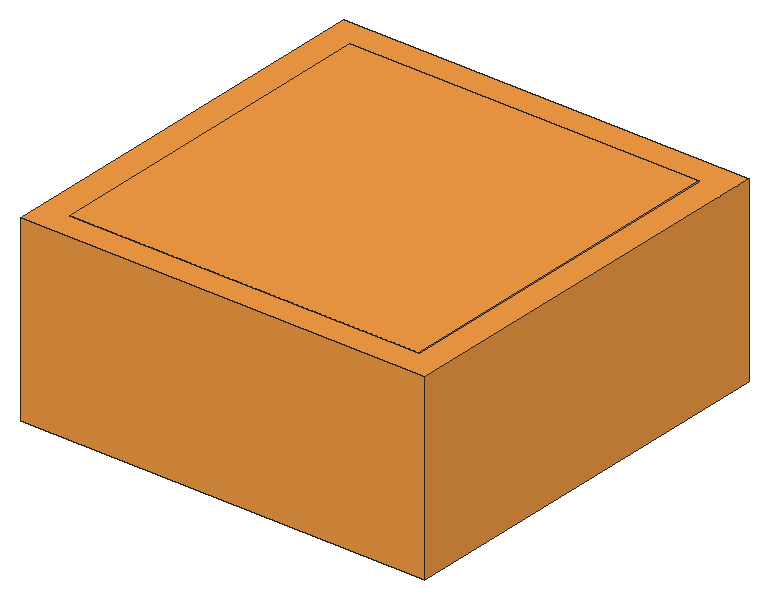
Revit family "Detector Titanus MICRO·SENS_Aguilera Electronica", category Dispositivos de alarma de incendios, Revit 2017
Family settings
  Anfitrión = Cara
  Mantener orientación de anotación = Sí
  Cota de conector redondo = Diámetro de uso
  Tipo de pieza = Normal
  Número OmniClass = 23.85.30.21.11.17
  Título OmniClass = Other Components
  Corte con vacíos al cargar = No
  Compartido = No
  Punto de cálculo de habitación = No
Parameters (values of type "Detector Titanus MICRO·SENS - Sensibilidad 0,5%")
  Zona de acción 80 m2 = yes
  Zona de acción 60 m2 = yes
  Voltaje = ""
  URL = "http://aguilera.es/?productos=titanus-microsens"
  Símbolo texto modelo = yes
  Símbolo = yes
  Modelo = "AETM-50"
  Fondo = 70 mm
  Fabricante = "Aguilera Electrónica"  # constant formula
  Elevación por defecto = 1200 mm
  Diámetro tubo = 20 mm
  Description = "El TITANUS MICRO·SENS® ha sido desarrollado para la vigilancia de instalaciones y recintos de pequeño y mediano tamaño. Sin embargo, proporciona numerosas características y opciones de funcionamiento: Una versión con ROOM·IDENT permite la localización del fuego con la precisión de un detector de humo puntual.\r\n\r\nUna versión para congelación permite la utilización en aplicaciones por debajo de -40 ºC.\r\n\r\nLa compatibilidad con redes a través de Ethernet permite la integración del dispositivo con sistemas de supervisión externos.Con un sistema TITANUS MICRO·SENS® pueden sustituirse hasta 8 detectores de humo puntuales. Para ello se tienen longitudes de conducto de hasta 50m, independientemente de si se requiere A, B o C según EN 54-20. Diseñado para aplicaciones que requieren una detección del incendio de forma individualizada para un determinado recinto, recintos pequeños y medianos de hasta 400 m2, equipos, hasta 5 recintos contiguos (habitaciones de hotel…), equipos autónomos (turbinas eólicas, transformadores…)\r\n\r\nCaracterísticas técnicas:\r\n\r\n    Alimentación: 24Vcc (14 – 30 Vcc)\r\n    Consumo máx. en reposo: 105mA\r\n    Consumo máx. de alarma: 110-140mA\r\n    Dimensiones: 140x222x70 mm\r\n    Peso: 850 a 895 gr\r\n    Intervalo de temperatura: -20ºC a +60ºC\r\n    Humedad: del 10% al 95% sin condensación.\r\n    Dos niveles de alarma (alarma y prealarma).\r\n    Relé conmutado libre de tensión de salida para alarma y avería general.\r\n    Clase de protección: hasta IP 54.\r\n    Certificados EN 54-20 clases A, B, C nº 0786-CPD-20322\r\n    Homologados VdS nº G 206004AETM-50. TITANUS MICRO-SENS® sensibilidad 0.5% – sin ind. nivel – sin ident. hab.\r\n"  # constant formula
  Código de montaje = "D5030700"
  Comentarios de tipo = "• Sensibilidad: 0,5%.\r\n• Indicador de nivel: No.\r\n• Ident. hab: No."
  Ancho = 140 mm
  Alto = 222 mm
Types (13, lengths in mm): name | Modelo | Comentarios de tipo
  (no name) | "AETM-50" | "• Sensibilidad: 0,5%.\r\n• Indicador de nivel: No.\r\n• Ident. hab: No."
  Detector Titanus MICRO·SENS - Sensibilidad 0,5% | "AETM-50" | "• Sensibilidad: 0,5%.\r\n• Indicador de nivel: No.\r\n• Ident. hab: No."
  Detector Titanus MICRO·SENS - Sensibilidad 0,5%, Ident. hab. | "AETM-50I" | "• Sensibilidad: 0,5%.\r\n• Indicador de nivel: No.\r\n• Ident. hab: Sí."
  Detector Titanus MICRO·SENS - Sensibilidad 0,5%, Indicador de nivel | "AETM-50B" | "• Sensibilidad: 0,5%.\r\n• Indicador de nivel: Sí.\r\n• Ident. hab: No."
  Detector Titanus MICRO·SENS - Sensibilidad 0,5%, Indicador de nivel, Ident. hab. | "AETM-50BI" | "• Sensibilidad: 0,5%.\r\n• Indicador de nivel: Sí.\r\n• Ident. hab: Sí."
  Detector Titanus MICRO·SENS - Sensibilidad 0,1% | "AETM-10" | "• Sensibilidad: 0,1%.\r\n• Indicador de nivel: No.\r\n• Ident. hab: No."
  Detector Titanus MICRO·SENS - Sensibilidad 0,1%, Ident. hab. | "AETM-10I" | "• Sensibilidad: 0,1%.\r\n• Indicador de nivel: No.\r\n• Ident. hab: Sí."
  Detector Titanus MICRO·SENS - Sensibilidad 0,1%, Indicador de nivel | "AETM-10B" | "• Sensibilidad: 0,1%.\r\n• Indicador de nivel: Sí.\r\n• Ident. hab: No."
  Detector Titanus MICRO·SENS - Sensibilidad 0,1%, Indicador de nivel, Ident. hab. | "AETM-10BI" | "• Sensibilidad: 0,1%.\r\n• Indicador de nivel: Sí.\r\n• Ident. hab: Sí."
  Detector Titanus MICRO·SENS para ambiente frigorífico - Sensibilidad 0,5% | "AETM-F50" | "• Sensibilidad: 0,5%.\r\n• Indicador de nivel: No."
  Detector Titanus MICRO·SENS para ambiente frigorífico - Sensibilidad 0,5%, Indicador de nivel | "AETM-F50B" | "• Sensibilidad: 0,5%.\r\n• Indicador de nivel: Sí."
  Detector Titanus MICRO·SENS para ambiente frigorífico - Sensibilidad 0,1% | "AETM-F10" | "• Sensibilidad: 0,1%.\r\n• Indicador de nivel: No."
  Detector Titanus MICRO·SENS para ambiente frigorífico - Sensibilidad 0,1%, Indicador de nivel | "AETM-F10B" | "• Sensibilidad: 0,1%.\r\n• Indicador de nivel: Sí."
Reference planes
  plane 1 "Centro (Frontal/Posterior)": y = 0
  plane 2: z = 0
  plane 3 "Centro (Izquierda/Derecha)": x = 0
  plane 4: y = 111
  plane 5: y = -111
  plane 6: x = -70
  plane 7: x = 70
  plane 8: z = 70
  plane 9: z = 67
  plane 10: z = 64
Forms (mm)
  Extrusion 1, solid
    sketch origin (0, 0, 0) x (1, 0, 0) y (0, 1, 0)
      loop
        line (-1219.2, 1219.2) -> (-1219.2, -1219.2) -> (1219.2, -1219.2) -> (1219.2, 1219.2) -> (-1219.2, 1219.2)
    from 0 to -304.8
  Extrusion 2, solid, material "ABS Gris"
    sketch origin (0, 0, 0) x (1, 0, 0) y (0, 1, 0)
      loop
        line (-70, -111) -> (70, -111) -> (70, 111) -> (-70, 111) -> (-70, -111)
    from 0 to 70 <- "Fondo"
  Extrusion 3, solid, material "ABS Gris", detail levels fine
    sketch origin (0, 0, 0) x (1, 0, 0) y (0, 1, 0)
      loop
        line (54.502, -76.186) -> (54.502, -0.381)
        arc (54.502, -0.381) -> (-4.028, -7.439) -> (-55.498, -36.186) r 152.381
        line (-55.498, -36.186) -> (-55.498, -76.186) -> (54.502, -76.186)
    from 70 to 80
  Extrusion 4, void
    sketch origin (0, 0, 0) x (0, 1, 0) y (0, 0, 1)
      loop
        circle (0, 31.85) r 15
      loop
        circle (36.462, 31.85) r 10
      loop
        circle (-36.462, 31.85) r 10
    from 70 to 60
  Extrusion 5, void
    sketch origin (0, 0, 0) x (0, 1, 0) y (0, 0, -1)
      loop
        circle (0, -31.85) r 15
      loop
        circle (36.462, -31.85) r 10
      loop
        circle (-36.462, -31.85) r 10
    from 70 to 60
  Extrusion 6, solid, material "ABS Gris", detail levels fine
    sketch origin (0, 0, 0) x (1, 0, 0) y (0, 0, 1)
      loop
        circle (0, 31.85) r 15
    from 111 to 121
  Extrusion 7, solid, material "ABS Gris", detail levels fine
    sketch origin (0, 0, 0) x (1, 0, 0) y (0, 0, -1)
      loop
        circle (0, -31.85) r 15
    from 111 to 121
  Extrusion 8, solid, material "Zona de acción", visible <- "Zona de acción 80 m2"
    sketch origin (-3876.569, 3705, 0) x (1, 0, 0) y (0, 1, 0)
      loop
        line (-746.135, -8155) -> (8153.865, -8155) -> (8153.865, 745) -> (-746.135, 745) -> (-746.135, -8155)
    from 0 to 4000
  Extrusion 9, solid, material "Zona de acción", visible <- "Zona de acción 60 m2"
    sketch origin (-4476.569, 3105, 0) x (1, 0, 0) y (0, 1, 0)
      loop
        line (453.865, -6955) -> (8153.865, -6955) -> (8153.865, 745) -> (453.865, 745) -> (453.865, -6955)
    from 0 to 4000
Cuts and joins
  Extrusion 4, Extrusion 5 cuts Extrusion 2
Dimensions and locks
  equal spacing: plane 5, plane 1 "Centro (Frontal/Posterior)", plane 4
  "Alto": plane 5 to plane 4
  equal spacing: plane 6, plane 3 "Centro (Izquierda/Derecha)", plane 7
  "Ancho": plane 6 to plane 7
  "Fondo": plane 8 to plane 2
  locked: plane 8 to plane 10 at 6
  locked: plane 8 to plane 9 at 3
  aligned and locked: plane 2 to Extrusion 1
  aligned and locked: level to Extrusion 1
  aligned and locked: plane 5 to Extrusion 2 sketch curve
  aligned and locked: Extrusion 2 sketch curve to plane 6
  aligned and locked: plane 4 to Extrusion 2 sketch curve
  aligned and locked: Extrusion 2 sketch curve to plane 7
Automatic sketch dimensions
  Extrusion 1 sketch curve to Extrusion 1 sketch curve = 2438.4 mm  (x2)
  plane 6 to Extrusion 3 sketch curve = 14.502 mm
  plane 7 to Extrusion 3 sketch curve = 26.864 mm
  plane 1 "Centro (Frontal/Posterior)" to Extrusion 3 sketch curve = 0.381 mm
  plane 7 to Extrusion 3 sketch curve = 15.498 mm
  plane 1 "Centro (Frontal/Posterior)" to Extrusion 3 sketch curve = 36.186 mm
  Extrusion 3 sketch curve to plane 5 = 34.814 mm
  Extrusion 4 sketch curve to plane 1 "Centro (Frontal/Posterior)" = 0 mm
  plane 1 "Centro (Frontal/Posterior)" to Extrusion 4 sketch curve = 36.462 mm
  Extrusion 4 sketch curve to Extrusion 4 sketch curve = 36.462 mm
  level to Extrusion 4 sketch curve = 31.85 mm  (x3)
  Extrusion 5 sketch curve to plane 1 "Centro (Frontal/Posterior)" = 0 mm
  plane 1 "Centro (Frontal/Posterior)" to Extrusion 5 sketch curve = 36.462 mm
  Extrusion 5 sketch curve to Extrusion 5 sketch curve = 36.462 mm
  level to Extrusion 5 sketch curve = 31.85 mm  (x3)
  Extrusion 6 sketch curve to plane 3 "Centro (Izquierda/Derecha)" = 0 mm
  level to Extrusion 6 sketch curve = 31.85 mm
  Extrusion 7 sketch curve to plane 3 "Centro (Izquierda/Derecha)" = 0 mm
  level to Extrusion 7 sketch curve = 31.85 mm
  Extrusion 8 sketch curve to plane 6 = 4552.704 mm
  Extrusion 8 sketch curve to plane 7 = 4207.296 mm
  Extrusion 8 sketch curve to plane 4 = 4561 mm
  Extrusion 8 sketch curve to Extrusion 8 sketch curve = 8900 mm
  plane 7 to Extrusion 9 sketch curve = 4092.704 mm
  Extrusion 9 sketch curve to Extrusion 9 sketch curve = 7700 mm  (x2)
  Extrusion 9 sketch curve to plane 4 = 3961 mm
  radius of Extrusion 4 sketch curve = 15 mm
  radius of Extrusion 4 sketch curve = 10 mm  (x2)
  radius of Extrusion 5 sketch curve = 15 mm
  radius of Extrusion 5 sketch curve = 10 mm  (x2)
  radius of Extrusion 6 sketch curve = 15 mm
  radius of Extrusion 7 sketch curve = 15 mm
Nested families
  nested 1: "S_Detector Titanus MICRO·SENS_Aguilera Electronica" at (0, 0, 0), visible <- "Símbolo", type "S_Detector Titanus MICRO·SENS_Aguilera Electronica"
Connectors
  electrical at (0, 0, 0), driven by "Modelo"
    settings: index 1, voltage 0 V, apparent load 0 VA, apparent load phase1 0 VA, apparent load phase2 0 VA, apparent load phase3 0 VA, power factor 1, load classification "Potencia", number of poles 1, system type 31, power factor state 1, is connector primary yes, connector utility no, sub classification motor no, connector description "AETM-50"
  cabletrayconduit at (0, 0, 0), diameter 20, driven by "Diámetro tubo", driven by "Modelo"
    settings: on cut or joined group of Extrusion 2, Extrusion 4, Extrusion 5, index 2, connector width 300 mm, connector height 300 mm, connector angle 0.00°, system type 32, placement type 0, profile type 0, connector reference index -1, is primary connector yes, connector utility param no, connector description "AETM-50"
Definition of nested family "S_Detector Titanus MICRO·SENS_Aguilera Electronica"
  Parameters (values of type "S_Detector Titanus MICRO·SENS_Aguilera Electronica")
    Texto símbolo = "Detector"
    Texto modelo = yes
    Modelo = "Detector"
  Reference planes
    plane 1: y = 0
    plane 2: x = 0
  Lines and regions (mm)
    detail lines
      curve 1: line (-3.572, -5.498, 0) -> (3.896, -5.498, 0)
      curve 2: line (-3.572, 5.498, 0) -> (-3.572, -5.498, 0)
      curve 3: line (3.896, 5.498, 0) -> (-3.572, 5.498, 0)
      curve 4: line (3.896, -5.498, 0) -> (3.896, 5.498, 0)
  Text (mm)
    label "Texto símbolo" at (-0.164, 2.864, 0), shows "Texto símbolo"
    label "Modelo" at (-0.164, -2.652, 0), shows "Modelo", visible <- "Texto modelo"
